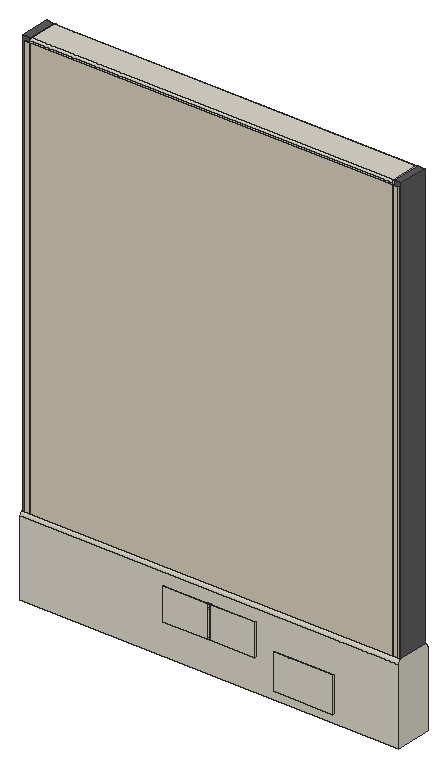
Revit family
Parameters (values of type "32"H x 24"W-G")
  Voltage = 0 V
  URL = "http://www.hermanmiller.com/"
  Trim/Top Cap Finish [instance] = Herman Miller - Finish WL Sandstone
  Top Cap Thickness = 0' - 0 1/4"  # constant formula
  Tag = "F32/24G"
  Surface Finish [instance] = Herman Miller - System Fabric 2I03 Grasscloth Sedge
  Socket Visibility Interior Right [instance] = yes
  Socket Visibility Interior Left [instance] = yes
  Socket Visibility Exterior Right [instance] = yes
  Socket Visibility Exterior Left [instance] = yes
  Product Documentation Link = "http://www.hermanmiller.com/actionoffice/"
  Powered = yes
  Power Factor = 1
  Panel Width = 2' - 0"
  Panel Height = 2' - 8"
  OmniClass Title = "Systems Furniture"  # constant formula
  OmniClass Number = "23.40.70.14.64.21"  # constant formula
  Number of Poles = 1
  Trim Thickness = 0' - 0 1/4"  # constant formula
  Panel Thickness = 0' - 2"  # constant formula
  Model Name On [instance] = yes
  Model = "A8120.3224G"
  Manufacturer = "Herman Miller, Inc."  # constant formula
  Glide Height [instance] = 0' - 0 3/8"
  Keynote = ""
  Electrical Socket Location = 0' - 11 233/256"
  Electrical Connector = yes
  Description = "Panel Fabric Thin Base Pwr 4-Circ W/Com Pt Lc 32H 24W"
  Copyright © = "Copyright © Herman Miller, Inc."  # constant formula
  Connector Description = "Electrical Connector Enabled"
  Communication Socket Location = 0' - 4 1/8"
  Communication Port Exterior [instance] = yes
  Communication Port Interior [instance] = yes
  Catalog = "Action Office System (HAO)"  # constant formula
  Cable Management Thickness = 0' - 2 1/4"  # constant formula
  Cable Management Finish [instance] = Herman Miller - Finish WL Sandstone
  Assembly Code = "E2020200"
  Apparent Load = 0 VA
Reference planes (in)
  plane 1 "Panel Center (Front/Back)": y = 0
  plane 2 "Base Bottom": z = 0
  plane 3 "Panel Center (Left/Right)": x = 0
  plane 4 "Left": x = -12
  plane 5 "Right": x = 12
  plane 6 "Cable Management Back": y = 1.125
  plane 7 "Cable Management Front": y = -1.125
  plane 8 "Panel Top": z = 32.375
  plane 9 "Base Top": z = 5.375
  plane 10 "Base Curve Bottom": z = 5.125
  plane 11 "Panel Trim Back": y = 0.625
  plane 12 "Panel Trim Front": y = -0.625
  plane 13 "Top Cap Thickness": z = 32.125
  plane 14 "Panel Left": x = -11.75
  plane 15 "Panel Right": x = 11.75
  plane 16 "Panel Front": y = -0.5
  plane 17 "Panel Back": y = 0.5
  plane 18 "Left Socket Right": x = 2.9144
  plane 19 "Right Socket Left": x = -2.9144
  plane 20 "Right Socket Right": x = 0.08984
  plane 21 "Socket Bottom": z = 2.375
  plane 22 "Socket Top": z = 4.375
  plane 23 "Electrical Socket Front": y = -1.1875
  plane 24 "Electrical Socket Back": y = 1.1875
  plane 25 "Top Cap Bottom": z = 38.875
  plane 26 "Glide Space": z = 0.375
  plane 27 "Left Glide Center (Left/Right)": x = -10.25
  plane 28 "Left Glide Left": x = -10.75
  plane 29 "Left Glide Right": x = -9.75
  plane 30 "Left Glide Inset Left": x = -10.5
  plane 31 "Left Glide Inset Right": x = -10
  plane 32 "Right Glide (Center Left/Right)": x = 10.25
  plane 33 "Right Glide Right": x = 10.75
  plane 34 "Right Glide Left": x = 9.75
  plane 35 "Right Glide Right Inset": x = 10.5
  plane 36 "Right Glide Left Inset": x = 10
  plane 37 "Glide Back": y = 0.5
  plane 38 "Glide Back Inset": y = 0.25
  plane 39 "Glide Front Inset": y = -0.25
  plane 40 "Glide Front": y = -0.5
  plane 41 "Connector Top": z = 2.51096
  plane 42 "Connector Bottom": z = 2.23904
  plane 43 "Reveal Left": x = -11.5
  plane 44 "Reveal Right": x = 11.5
  plane 45 "Back": y = 1
  plane 46 "Front": y = -1
  plane 47 "Panel Trim Right": x = 11.8125
  plane 48 "Panel Trim Left": x = -11.8125
  plane 49 "Communication Port (Front/Left)": x = -7.875
  plane 50 "Communication Port (Front/Right)": x = -4.125
  plane 51 "Communication Port (Back/Right)": x = 7.875
  plane 52 "Communication Port (Back/Left)": x = 4.125
  plane 53 "Glide Inset": z = 0.1875
  plane 54 "Glide Top": z = 4.375
  plane 55 "Communication Bottom": z = 0.875
  plane 56 "Communication Top": z = 3.125
  plane 57 "Tag Bottom": y = 1.875
  plane 58 "Left Socket Left": x = -0.08984
  plane 59 "Trim Front Back": y = -0.9375
  plane 60 "Trim Back Front": y = 0.9375
  plane 61 "Back Offset": y = 0.875
  plane 62 "Front Offset": y = -0.875
  plane 63 "Top Offset": z = 32.25
Forms (in)
  Extrusion 1, solid, material "Herman Miller - System Fabric 2I03 Grasscloth Sedge" <- "Surface Finish"
    sketch origin (0, 0, 0) x (0, 1, 0) y (0, 0, 1)
      loop
        line (-1, 5.375) -> (1, 5.375) -> (1, 32.125) -> (-1, 32.125) -> (-1, 5.375)
    from -11.5 to 11.5
  Extrusion 2, solid, material "Herman Miller - Finish WL Sandstone" <- "Cable Management Finish"
    sketch origin (0, 0, 0) x (0, 1, 0) y (0, 0, 1)
      loop
        arc (-1, 5.375) -> (-1.09201, 5.26475) -> (-1.125, 5.125) r 0.3125
        line (-1.125, 5.125) -> (-1.125, 0.375) -> (1.125, 0.375) -> (1.125, 5.125)
        arc (1.125, 5.125) -> (1.09201, 5.26475) -> (1, 5.375) r 0.3125
        line (1, 5.375) -> (-1, 5.375)
    from -12 to 12
  Extrusion 3, solid, material "Herman Miller - Finish WL Sandstone" <- "Cable Management Finish", visible <- "Socket Visibility Interior Right", detail levels fine
    sketch origin (12, 0, 0) x (0, -1, 0) y (0, 0, -1)
      loop
        line (1.125, -2.375) -> (1.125, -4.375) -> (1.1875, -4.375) -> (1.1875, -2.375) -> (1.125, -2.375)
    from -12.08984 to -9.0856
  Extrusion 4, solid, material "Herman Miller - Finish WL Sandstone" <- "Cable Management Finish", visible <- "Socket Visibility Interior Left", detail levels fine
    sketch origin (0.08984, 0, 0) x (0, -1, 0) y (0, 0, -1)
      loop
        line (1.125, -4.375) -> (1.1875, -4.375) -> (1.1875, -2.375) -> (1.125, -2.375) -> (1.125, -4.375)
    from -3.00424 to 0
  Extrusion 5, solid, material "Herman Miller - Finish WL Sandstone" <- "Cable Management Finish", visible <- "Socket Visibility Exterior Left", detail levels fine
    sketch origin (6, 0, 0) x (0, -1, 0) y (0, 0, -1)
      loop
        line (-1.1875, -4.375) -> (-1.125, -4.375) -> (-1.125, -2.375) -> (-1.1875, -2.375) -> (-1.1875, -4.375)
    from -6.08984 to -3.0856
  Extrusion 6, solid, material "Herman Miller - Finish WL Sandstone" <- "Cable Management Finish", visible <- "Socket Visibility Exterior Right", detail levels fine
    sketch origin (12, 0, 0) x (0, -1, 0) y (0, 0, -1)
      loop
        line (-1.125, -4.375) -> (-1.125, -2.375) -> (-1.1875, -2.375) -> (-1.1875, -4.375) -> (-1.125, -4.375)
    from -14.9144 to -11.91016
  Extrusion 7, solid, material "Herman Miller - Finish WL Sandstone" <- "Trim/Top Cap Finish"
    sketch origin (12, 0, 0) x (0, -1, 0) y (0, 0, -1)
      loop
        arc (0.875, -32.375) -> (0.96339, -32.33839) -> (1, -32.25) r 0.125
        line (1, -32.25) -> (1, -32.125) -> (-1, -32.125) -> (-1, -32.25)
        arc (-1, -32.25) -> (-0.96339, -32.33839) -> (-0.875, -32.375) r 0.125
        line (-0.875, -32.375) -> (0.875, -32.375)
    from -23.5 to -0.5
  Extrusion 8, solid, material "Herman Miller - System Fabric 2I03 Grasscloth Sedge" <- "Surface Finish", detail levels fine
    sketch origin (0, 0, 32.125) x (-1, 0, 0) y (0, -1, 0)
      loop
        line (11.8125, -1) -> (11.8125, -0.9375) -> (11.5, -0.9375) -> (11.5, -1) -> (11.8125, -1)
      loop
        line (11.8125, 1) -> (11.5, 1) -> (11.5, 0.9375) -> (11.8125, 0.9375) -> (11.8125, 1)
      loop
        line (-11.8125, -0.9375) -> (-11.8125, -1) -> (-11.5, -1) -> (-11.5, -0.9375) -> (-11.8125, -0.9375)
      loop
        line (-11.5, 1) -> (-11.8125, 1) -> (-11.8125, 0.9375) -> (-11.5, 0.9375) -> (-11.5, 1)
    from -26.75 to 0
  Extrusion 9, solid, material "Herman Miller - Finish BU Black Umber"
    sketch origin (0, -0.21306, 32.125) x (-1, 0, 0) y (0, -1, 0)
      loop
        line (12, 0.72444) -> (11.5, 0.72444) -> (11.5, -1.15056) -> (12, -1.15056) -> (12, 0.72444)
      loop
        line (-12, 0.72444) -> (-12, -1.15056) -> (-11.5, -1.15056) -> (-11.5, 0.72444) -> (-12, 0.72444)
    from -26.75 to 0.25
  Revolve 10, solid, material "Herman Miller - Finish WL Sandstone" <- "Trim/Top Cap Finish", detail levels fine
    sketch origin (0, 0, 0) x (1, 0, 0) y (0, 0, 1)
      loop
        line (-10.25, 0) -> (-9.75, 0) -> (-9.75, 0.1875) -> (-10, 0.1875) -> (-10, 4.375) -> (-10.25, 4.375) -> (-10.25, 0)
      axis (-10.25, 4.375) -> (-10.25, 0)
    angle from 0 to 360
  Revolve 11, solid, material "Herman Miller - Finish WL Sandstone" <- "Trim/Top Cap Finish", detail levels fine
    sketch origin (0, 0, 0) x (1, 0, 0) y (0, 0, 1)
      loop
        line (10.25, 0) -> (10.75, 0) -> (10.75, 0.1875) -> (10.5, 0.1875) -> (10.5, 4.375) -> (10.25, 4.375) -> (10.25, 0)
      axis (10.25, 4.375) -> (10.25, 0)
    angle from 0 to 360
  Extrusion 12, solid, material "Herman Miller - Finish WL Sandstone" <- "Cable Management Finish", visible <- "Communication Port Interior", detail levels fine
    sketch origin (0, 0, 0) x (1, 0, 0) y (0, 0, 1)
      loop
        line (4.125, 3.125) -> (4.125, 0.875) -> (7.875, 0.875) -> (7.875, 3.125) -> (4.125, 3.125)
    from 1.125 to 1.1875
  Extrusion 13, solid, material "Herman Miller - Finish WL Sandstone" <- "Cable Management Finish", visible <- "Communication Port Exterior", detail levels fine
    sketch origin (0, 0, 0) x (1, 0, 0) y (0, 0, 1)
      loop
        line (-7.875, 0.875) -> (-4.125, 0.875) -> (-4.125, 3.125) -> (-7.875, 3.125) -> (-7.875, 0.875)
    from -1.1875 to -1.125
Lines and regions (in)
  Masking region 1, detail levels medium+fine
    outline origin (0, 0, 5.375) x (-1, 0, 0) y (0, -1, 0)
      loop
        line (12, -1.125) -> (12, 1.125) -> (-12, 1.125) -> (-12, -1.125) -> (12, -1.125)
  Masking region 2
    outline origin (0, 0, 0) x (1, 0, 0) y (0, 0, 1)
      loop
        line (-12, 32.375) -> (-12, 0.375) -> (12, 0.375) -> (12, 32.375) -> (-12, 32.375)
  Masking region 3
    outline origin (0, 0, 0) x (0, 1, 0) y (0, 0, 1)
      loop
        arc (-0.625, 32.375) -> (-0.84435, 32.29777) -> (-1, 32.125) r 0.47093
        line (-1, 32.125) -> (-1, 5.375)
        arc (-1, 5.375) -> (-1.09201, 5.26475) -> (-1.125, 5.125) r 0.3125
        line (-1.125, 5.125) -> (-1.125, 0.375) -> (1.125, 0.375) -> (1.125, 5.125)
        arc (1.125, 5.125) -> (1.09201, 5.26475) -> (1, 5.375) r 0.3125
        line (1, 5.375) -> (1, 32.125)
        arc (1, 32.125) -> (0.84435, 32.29777) -> (0.625, 32.375) r 0.47093
        line (0.625, 32.375) -> (-0.625, 32.375)
  Masking region 4, detail levels fine
    outline origin (0, 0, 0) x (1, 0, 0) y (0, 0, 1)
      loop
        line (-10.75, 0.1875) -> (-10.75, 0) -> (-9.75, 0) -> (-9.75, 0.1875) -> (-10, 0.1875) -> (-10, 0.875) -> (-10.5, 0.875) -> (-10.5, 0.1875) -> (-10.75, 0.1875)
      loop
        line (9.75, 0) -> (10.75, 0) -> (10.75, 0.1875) -> (10.5, 0.1875) -> (10.5, 0.875) -> (10, 0.875) -> (10, 0.1875) -> (9.75, 0.1875) -> (9.75, 0)
  Masking region 5, detail levels fine
    outline origin (0, 0, 0) x (0, 1, 0) y (0, 0, 1)
      loop
        line (0.5, 0.1875) -> (0.25, 0.1875) -> (0.25, 0.875) -> (-0.25, 0.875) -> (-0.25, 0.1875) -> (-0.5, 0.1875) -> (-0.5, 0) -> (0.5, 0) -> (0.5, 0.1875)
  Masking region 6, visible <- "Communication Port Interior", detail levels fine
    outline origin (0, 1.1875, 0) x (-1, 0, 0) y (0, 0, 1)
      loop
        line (7.875, 3.125) -> (4.125, 3.125) -> (4.125, 0.875) -> (7.875, 0.875) -> (7.875, 3.125)
  Masking region 7, visible <- "Communication Port Exterior", detail levels fine
    outline origin (0, -1.1875, 0) x (-1, 0, 0) y (0, 0, 1)
      loop
        line (-4.125, 3.125) -> (-7.875, 3.125) -> (-7.875, 0.875) -> (-4.125, 0.875) -> (-4.125, 3.125)
  Masking region 8, visible <- "Socket Visibility Exterior Right", detail levels fine
    outline origin (0, 1.1875, 0) x (-1, 0, 0) y (0, 0, 1)
      loop
        line (2.9144, 2.375) -> (2.9144, 4.375) -> (-0.08984, 4.375) -> (-0.08984, 2.375) -> (2.9144, 2.375)
  Masking region 9, visible <- "Socket Visibility Interior Right", detail levels fine
    outline origin (0, -1.1875, 0) x (-1, 0, 0) y (0, 0, 1)
      loop
        line (0.08984, 2.375) -> (0.08984, 4.375) -> (-2.9144, 4.375) -> (-2.9144, 2.375) -> (0.08984, 2.375)
  Masking region 10
    outline origin (0, 0, 32.125) x (-1, 0, 0) y (0, -1, 0)
      loop
        line (12, -1) -> (12, 1) -> (-12, 1) -> (-12, -1) -> (12, -1)
  Masking region 11, visible <- "Socket Visibility Interior Left", detail levels fine
    outline origin (0, -1.1875, 0) x (-1, 0, 0) y (0, 0, 1)
      loop
        line (2.9144, 4.375) -> (-0.08984, 4.375) -> (-0.08984, 2.375) -> (2.9144, 2.375) -> (2.9144, 4.375)
  Masking region 12, visible <- "Socket Visibility Exterior Left", detail levels fine
    outline origin (0, 1.1875, 0) x (-1, 0, 0) y (0, 0, 1)
      loop
        line (-2.9144, 4.375) -> (-2.9144, 2.375) -> (0.08984, 2.375) -> (0.08984, 4.375) -> (-2.9144, 4.375)
  symbolic lines, style "Hard-SurfacedPanel", detail levels medium+fine
    curve 1: line (12, -1, 5.375) -> (12, 1, 5.375)
    curve 5: line (-12, 0, 5.375) -> (12, 0, 5.375)
    curve 7: line (11.8125, 0, 5.375) -> (11.8125, 0, 32.125)
    curve 9: line (-11.8125, 0, 32.125) -> (-11.8125, 0, 5.375)
    curve 10: line (-11.8125, 0, 32.125) -> (11.8125, 0, 32.125)
    curve 12: line (0, 0.5, 5.375) -> (0, 0.5, 32.125)
    curve 13: line (0, -0.5, 32.125) -> (0, -0.5, 5.375)
    curve 19: line (-12, 0.625, 5.375) -> (-12, 1.125, 5.375)
    curve 20: line (-12, -1.125, 5.375) -> (-12, -0.625, 5.375)
    curve 21: line (12, 0.625, 5.375) -> (12, 1.125, 5.375)
    curve 22: line (12, -1.125, 5.375) -> (12, -0.625, 5.375)
    curve 24: line (0, 0.875, 32.375) -> (0, -0.875, 32.375)
  symbolic lines, style "Panel Glides", detail levels fine
    curve 2: line (12, -0.5, 0) -> (12, 0.5, 0)
    curve 3: line (9.75, 0, 0) -> (10.75, 0, 0)
    curve 4: line (-10.75, 0, 0) -> (-9.75, 0, 0)
  symbolic lines, style "Hard-SurfacedPanel", detail levels fine
    curve 6: line (11.5, 0, 32.375) -> (11.5, 0, 32.125)
    curve 8: line (-11.5, 0, 32.125) -> (-11.5, 0, 32.375)
    curve 11: line (0, 0.625, 5.375) -> (0, 0.625, 32.125)
    curve 14: line (0, -0.625, 32.125) -> (0, -0.625, 5.375)
    curve 15: line (0, -0.625, 32.125) -> (0, -0.5, 32.125)
    curve 17: line (0, 0.5, 32.125) -> (0, 0.625, 32.125)
  symbolic lines, style "Power Connector", visible <- "Powered"
    curve 16: line (-12, 0, 32.375) -> (12, 0, 32.375)
  symbolic lines, style "Hard-SurfacedPanel"
    curve 18: line (-12, 1, 0) -> (-12, -1, 0)
    curve 23: line (12, 1, 5.375) -> (12, -1, 5.375)
Text (in)
  text "Exterior" at (-7.52926, 20.81122, 0), in view "Ref. Level"
  text "Interior" at (-7.52926, -15.28519, 0), in view "Ref. Level"
Dimensions and locks (in)
  locked: plane 9 "Base Top" to plane 10 "Base Curve Bottom" at 0.25
  "Panel Height": plane 8 "Panel Top" to plane 26 "Glide Space"
  equal spacing: plane 4 "Left", plane 3 "Panel Center (Left/Right)", plane 5 "Right"
  "Panel Width": plane 5 "Right" to plane 4 "Left"
  equal spacing: plane 7 "Cable Management Front", plane 1 "Panel Center (Front/Back)", plane 6 "Cable Management Back"
  "Cable Management Thickness": plane 7 "Cable Management Front" to plane 6 "Cable Management Back"
  locked: plane 7 "Cable Management Front" to plane 12 "Panel Trim Front" at 0.5
  locked: plane 11 "Panel Trim Back" to plane 6 "Cable Management Back" at 0.5
  "Top Cap Thickness": plane 8 "Panel Top" to plane 13 "Top Cap Thickness"
  locked: plane 12 "Panel Trim Front" to plane 16 "Panel Front" at 0.125
  locked: plane 17 "Panel Back" to plane 11 "Panel Trim Back" at 0.125
  "Trim Thickness": plane 4 "Left" to plane 14 "Panel Left"
  "Trim Thickness": plane 5 "Right" to plane 15 "Panel Right"
  locked: plane 20 "Right Socket Right" to plane 19 "Right Socket Left" at 3.00424
  locked: plane 6 "Cable Management Back" to plane 24 "Electrical Socket Back" at 0.0625
  locked: plane 23 "Electrical Socket Front" to plane 7 "Cable Management Front" at 0.0625
  "Glide Height": plane 26 "Glide Space" to plane 2 "Base Bottom"
  locked: plane 9 "Base Top" to plane 26 "Glide Space" at 5
  locked: plane 4 "Left" to plane 27 "Left Glide Center (Left/Right)" at 1.75
  locked: plane 28 "Left Glide Left" to plane 27 "Left Glide Center (Left/Right)" at 0.5
  equal spacing: plane 28 "Left Glide Left", plane 27 "Left Glide Center (Left/Right)", plane 29 "Left Glide Right"
  equal spacing: plane 30 "Left Glide Inset Left", plane 27 "Left Glide Center (Left/Right)", plane 31 "Left Glide Inset Right"
  locked: plane 33 "Right Glide Right" to plane 32 "Right Glide (Center Left/Right)" at 0.5
  equal spacing: plane 33 "Right Glide Right", plane 32 "Right Glide (Center Left/Right)", plane 34 "Right Glide Left"
  equal spacing: plane 35 "Right Glide Right Inset", plane 32 "Right Glide (Center Left/Right)", plane 36 "Right Glide Left Inset"
  locked: plane 5 "Right" to plane 32 "Right Glide (Center Left/Right)" at 1.75
  equal spacing: plane 40 "Glide Front", plane 1 "Panel Center (Front/Back)", plane 37 "Glide Back"
  locked: plane 40 "Glide Front" to plane 37 "Glide Back" at 1
  equal spacing: plane 39 "Glide Front Inset", plane 1 "Panel Center (Front/Back)", plane 38 "Glide Back Inset"
  locked: plane 1 "Panel Center (Front/Back)" to plane 38 "Glide Back Inset" at 0.25
  locked: plane 28 "Left Glide Left" to plane 30 "Left Glide Inset Left" at 0.25
  locked: plane 33 "Right Glide Right" to plane 35 "Right Glide Right Inset" at 0.25
  plane 41 "Connector Top" to plane 21 "Socket Bottom" to plane 42 "Connector Bottom" = 0' - 0.13596" locked, 0' - 0.13596" locked
  equal spacing: plane 45 "Back", plane 1 "Panel Center (Front/Back)", plane 46 "Front"
  "Panel Thickness": plane 45 "Back" to plane 46 "Front"
  locked: plane 56 "Communication Top" to plane 55 "Communication Bottom" at 2.25
  locked: plane 55 "Communication Bottom" to plane 26 "Glide Space" at 0.5
  locked: plane 22 "Socket Top" to plane 21 "Socket Bottom" at 2
  locked: plane 21 "Socket Bottom" to plane 26 "Glide Space" at 2
  locked: plane 49 "Communication Port (Front/Left)" to plane 50 "Communication Port (Front/Right)" at 3.75
  locked: plane 52 "Communication Port (Back/Left)" to plane 51 "Communication Port (Back/Right)" at 3.75
  locked: plane 5 "Right" to plane 47 "Panel Trim Right" at 0.1875
  locked: plane 4 "Left" to plane 48 "Panel Trim Left" at 0.1875
  locked: plane 43 "Reveal Left" to plane 48 "Panel Trim Left" at 0.3125
  locked: plane 44 "Reveal Right" to plane 47 "Panel Trim Right" at 0.3125
  locked: plane 57 "Tag Bottom" to plane 24 "Electrical Socket Back" at 0.6875
  locked: plane 58 "Left Socket Left" to plane 18 "Left Socket Right" at 3.00424
  locked: plane 46 "Front" to plane 59 "Trim Front Back" at 0.0625
  locked: plane 45 "Back" to plane 60 "Trim Back Front" at 0.0625
  locked: plane 8 "Panel Top" to plane 63 "Top Offset" at 0.125
  locked: plane 46 "Front" to plane 62 "Front Offset" at 0.125
  locked: plane 45 "Back" to plane 61 "Back Offset" at 0.125
  "Communication Socket Location": plane 4 "Left" to plane 49 "Communication Port (Front/Left)"
  "Communication Socket Location": plane 5 "Right" to plane 51 "Communication Port (Back/Right)"
  "Electrical Socket Location": plane 5 "Right" to plane 20 "Right Socket Right"
  "Electrical Socket Location": plane 4 "Left" to plane 58 "Left Socket Left"
  aligned and locked: plane 7 "Cable Management Front" to Extrusion 2 sketch curve  (x2)
  aligned and locked: plane 6 "Cable Management Back" to Extrusion 2 sketch curve  (x2)
  aligned and locked: plane 4 "Left" to Extrusion 2
  aligned and locked: plane 5 "Right" to Extrusion 2
  aligned and locked: Extrusion 1 sketch curve to plane 13 "Top Cap Thickness"
  aligned and locked: Extrusion 1 sketch curve to plane 9 "Base Top"
  aligned and locked: Extrusion 3 sketch curve to plane 22 "Socket Top"
  aligned and locked: plane 21 "Socket Bottom" to Extrusion 3 sketch curve
  aligned and locked: plane 7 "Cable Management Front" to Extrusion 3 sketch curve
  aligned and locked: Extrusion 4 to plane 19 "Right Socket Left"
  aligned and locked: plane 22 "Socket Top" to Extrusion 4 sketch curve
  aligned and locked: Extrusion 4 sketch curve to plane 21 "Socket Bottom"
  aligned and locked: Extrusion 4 sketch curve to plane 7 "Cable Management Front"
  aligned and locked: plane 23 "Electrical Socket Front" to Extrusion 4 sketch curve
  aligned and locked: plane 23 "Electrical Socket Front" to Extrusion 3 sketch curve
  aligned and locked: plane 24 "Electrical Socket Back" to Extrusion 5 sketch curve
  aligned and locked: plane 22 "Socket Top" to Extrusion 5 sketch curve
  aligned and locked: Extrusion 5 sketch curve to plane 6 "Cable Management Back"
  aligned and locked: Extrusion 5 sketch curve to plane 21 "Socket Bottom"
  aligned and locked: Extrusion 5 to plane 18 "Left Socket Right"
  aligned and locked: Extrusion 6 sketch curve to plane 22 "Socket Top"
  aligned and locked: plane 6 "Cable Management Back" to Extrusion 6 sketch curve
  aligned and locked: plane 21 "Socket Bottom" to Extrusion 6 sketch curve
  aligned and locked: Extrusion 6 sketch curve to plane 24 "Electrical Socket Back"
  aligned and locked: Extrusion 6 to plane 19 "Right Socket Left"
  aligned and locked: Extrusion 3 to plane 18 "Left Socket Right"
  aligned and locked: Extrusion 7 sketch curve to plane 8 "Panel Top"
  aligned and locked: Masking region 1 sketch curve to plane 5 "Right"
  aligned and locked: Masking region 1 sketch curve to plane 4 "Left"
  aligned and locked: Masking region 1 sketch curve to plane 6 "Cable Management Back"
  aligned and locked: Masking region 1 sketch curve to plane 7 "Cable Management Front"
  aligned and locked: curve 1 to plane 9 "Base Top"
  aligned and locked: Masking region 2 sketch curve to plane 5 "Right"
  aligned and locked: Masking region 2 sketch curve to plane 4 "Left"
  aligned and locked: Masking region 2 sketch curve to plane 8 "Panel Top"
  aligned and locked: Extrusion 4 to plane 7 "Cable Management Front"
  aligned and locked: Extrusion 3 to plane 7 "Cable Management Front"
  aligned and locked: Extrusion 6 to plane 6 "Cable Management Back"
  aligned and locked: Extrusion 5 to plane 6 "Cable Management Back"
  aligned and locked: Extrusion 2 sketch curve to plane 26 "Glide Space"
  aligned and locked: plane 26 "Glide Space" to Masking region 2 sketch curve
  aligned and locked: plane 26 "Glide Space" to Masking region 3 sketch curve
  aligned and locked: Masking region 3 sketch curve to plane 7 "Cable Management Front"
  aligned and locked: plane 37 "Glide Back" to curve 2
  aligned and locked: plane 40 "Glide Front" to curve 2
  aligned and locked: plane 33 "Right Glide Right" to curve 3
  aligned and locked: plane 34 "Right Glide Left" to curve 3
  aligned and locked: plane 29 "Left Glide Right" to curve 4
  aligned and locked: plane 28 "Left Glide Left" to curve 4
  aligned and locked: plane 5 "Right" to curve 5
  aligned and locked: plane 4 "Left" to curve 5
  aligned and locked: curve 5 to plane 9 "Base Top"
  aligned and locked: Extrusion 4 to Extrusion 3
  aligned and locked: Extrusion 4 to Extrusion 2
  aligned and locked: Extrusion 1 to plane 43 "Reveal Left"
  aligned and locked: Extrusion 1 to plane 44 "Reveal Right"
  aligned and locked: Extrusion 8 to plane 9 "Base Top"
  aligned and locked: Extrusion 9 to plane 9 "Base Top"
  aligned and locked: plane 13 "Top Cap Thickness" to Extrusion 8
  aligned and locked: Revolve 10 sketch curve to level
  aligned and locked: Revolve 10 sketch curve to plane 53 "Glide Inset"
  aligned and locked: Revolve 10 sketch curve to plane 54 "Glide Top"
  aligned and locked: Revolve 11 sketch curve to plane 53 "Glide Inset"
  aligned and locked: Revolve 11 sketch curve to level
  aligned and locked: Revolve 11 sketch curve to plane 54 "Glide Top"
  aligned and locked: plane 56 "Communication Top" to Extrusion 12 sketch curve
  aligned and locked: Extrusion 12 sketch curve to plane 55 "Communication Bottom"
  aligned and locked: Extrusion 12 to Extrusion 3
  aligned and locked: Extrusion 12 to plane 7 "Cable Management Front"
  aligned and locked: Extrusion 13 sketch curve to plane 55 "Communication Bottom"
  aligned and locked: plane 56 "Communication Top" to Extrusion 13 sketch curve
  aligned and locked: plane 24 "Electrical Socket Back" to Extrusion 13
  aligned and locked: Extrusion 13 to plane 6 "Cable Management Back"
  aligned and locked: plane 54 "Glide Top" to plane 22 "Socket Top"
  aligned and locked: Masking region 4 sketch curve to plane 53 "Glide Inset"
  aligned and locked: Masking region 4 sketch curve to level
  aligned and locked: Masking region 4 sketch curve to plane 28 "Left Glide Left"
  aligned and locked: plane 29 "Left Glide Right" to Masking region 4 sketch curve
  aligned and locked: plane 31 "Left Glide Inset Right" to Masking region 4 sketch curve
  aligned and locked: Masking region 4 sketch curve to plane 30 "Left Glide Inset Left"
  aligned and locked: Masking region 4 sketch curve to plane 34 "Right Glide Left"
  aligned and locked: plane 33 "Right Glide Right" to Masking region 4 sketch curve
  aligned and locked: Masking region 4 sketch curve to plane 36 "Right Glide Left Inset"
  aligned and locked: plane 35 "Right Glide Right Inset" to Masking region 4 sketch curve
  aligned and locked: Masking region 4 sketch curve to plane 55 "Communication Bottom"  (x2)
  aligned and locked: plane 53 "Glide Inset" to Masking region 5 sketch curve
  aligned and locked: level to Masking region 5 sketch curve
  aligned and locked: plane 55 "Communication Bottom" to Masking region 5 sketch curve
  aligned and locked: plane 37 "Glide Back" to Masking region 5 sketch curve
  aligned and locked: plane 40 "Glide Front" to Masking region 5 sketch curve
  aligned and locked: plane 39 "Glide Front Inset" to Masking region 5 sketch curve
  aligned and locked: plane 38 "Glide Back Inset" to Masking region 5 sketch curve
  aligned and locked: plane 56 "Communication Top" to Masking region 6 sketch curve
  aligned and locked: Masking region 6 sketch curve to plane 55 "Communication Bottom"
  aligned and locked: plane 56 "Communication Top" to Masking region 7 sketch curve
  aligned and locked: Masking region 7 sketch curve to plane 55 "Communication Bottom"
  aligned and locked: plane 19 "Right Socket Left" to Masking region 8 sketch curve
  aligned and locked: Masking region 9 sketch curve to plane 18 "Left Socket Right"
  aligned and locked: Masking region 9 sketch curve to plane 54 "Glide Top"
  aligned and locked: Masking region 9 sketch curve to plane 21 "Socket Bottom"
  aligned and locked: plane 5 "Right" to Masking region 2
  aligned and locked: plane 5 "Right" to Extrusion 9  (x4)
  aligned and locked: plane 4 "Left" to Extrusion 9
  aligned and locked: plane 4 "Left" to Masking region 2
  aligned and locked: Extrusion 9 to plane 4 "Left"
  aligned and locked: nested 1 to plane 57 "Tag Bottom"
  aligned and locked: plane 3 "Panel Center (Left/Right)" to nested 1
  aligned and locked: Masking region 10 sketch curve to plane 5 "Right"
  aligned and locked: plane 4 "Left" to Masking region 10
  aligned and locked: plane 4 "Left" to Masking region 10 sketch curve
  aligned and locked: Extrusion 7 to plane 13 "Top Cap Thickness"
  aligned and locked: plane 13 "Top Cap Thickness" to curve 17
  aligned and locked: plane 17 "Panel Back" to curve 17
  aligned and locked: plane 16 "Panel Front" to curve 15
  aligned and locked: curve 9 to plane 48 "Panel Trim Left"
  aligned and locked: plane 8 "Panel Top" to curve 8
  aligned and locked: plane 13 "Top Cap Thickness" to curve 15
  aligned and locked: plane 43 "Reveal Left" to curve 8
  aligned and locked: Extrusion 8 sketch curve to plane 45 "Back"  (x2)
  aligned and locked: plane 46 "Front" to Extrusion 8 sketch curve  (x2)
  aligned and locked: Extrusion 8 to plane 46 "Front"  (x2)
  aligned and locked: Extrusion 1 sketch curve to plane 46 "Front"
  aligned and locked: Extrusion 1 sketch curve to plane 45 "Back"
  aligned and locked: plane 1 "Panel Center (Front/Back)" to curve 16
  aligned and locked: plane 24 "Electrical Socket Back" to Extrusion 5
  aligned and locked: plane 54 "Glide Top" to Extrusion 3
  aligned and locked: plane 54 "Glide Top" to Extrusion 4
  aligned and locked: Extrusion 4 to plane 21 "Socket Bottom"
  aligned and locked: plane 19 "Right Socket Left" to Masking region 8
  aligned and locked: Extrusion 6 to plane 21 "Socket Bottom"
  aligned and locked: Extrusion 13 to plane 56 "Communication Top"
  aligned and locked: plane 54 "Glide Top" to Extrusion 6
  aligned and locked: plane 54 "Glide Top" to Revolve 11  (x2)
  aligned and locked: plane 19 "Right Socket Left" to Extrusion 4  (x2)
  aligned and locked: Extrusion 12 to plane 56 "Communication Top"  (x2)
  aligned and locked: plane 54 "Glide Top" to Extrusion 5
  aligned and locked: Masking region 8 to plane 54 "Glide Top"
  aligned and locked: Extrusion 3 to plane 21 "Socket Bottom"
  aligned and locked: plane 18 "Left Socket Right" to Masking region 9
  aligned and locked: plane 30 "Left Glide Inset Left" to Masking region 4
  aligned and locked: plane 56 "Communication Top" to Masking region 6
  aligned and locked: Extrusion 1 to plane 9 "Base Top"
  aligned and locked: plane 9 "Base Top" to curve 9
  aligned and locked: plane 9 "Base Top" to Extrusion 8  (x2)
  aligned and locked: Extrusion 4 to plane 54 "Glide Top"
  aligned and locked: Masking region 9 to plane 54 "Glide Top"
  aligned and locked: plane 54 "Glide Top" to Revolve 10
  aligned and locked: plane 56 "Communication Top" to Masking region 7
  aligned and locked: curve 19 to plane 4 "Left"
  aligned and locked: curve 20 to plane 4 "Left"
  aligned and locked: plane 4 "Left" to Masking region 1
  aligned and locked: Extrusion 2 to plane 4 "Left"  (x4)
  aligned and locked: plane 4 "Left" to curve 18
  aligned and locked: plane 45 "Back" to Extrusion 1
  aligned and locked: plane 46 "Front" to Extrusion 1
  aligned and locked: plane 5 "Right" to curve 22
  aligned and locked: plane 5 "Right" to Masking region 1
  aligned and locked: Extrusion 2 to plane 5 "Right"
  aligned and locked: curve 23 to plane 5 "Right"
  aligned and locked: Extrusion 8 to plane 45 "Back"  (x2)
  aligned and locked: curve 14 to plane 12 "Panel Trim Front"
  aligned and locked: curve 12 to plane 17 "Panel Back"
  aligned and locked: curve 11 to plane 11 "Panel Trim Back"
  aligned and locked: Masking region 8 to plane 21 "Socket Bottom"
  aligned and locked: plane 20 "Right Socket Right" to Masking region 8 sketch curve
  aligned and locked: plane 58 "Left Socket Left" to Extrusion 3
  aligned and locked: plane 58 "Left Socket Left" to Extrusion 5
  aligned and locked: plane 20 "Right Socket Right" to Extrusion 4
  aligned and locked: plane 20 "Right Socket Right" to Extrusion 6
  aligned and locked: plane 45 "Back" to Masking region 3 sketch curve  (x2)
  aligned and locked: Masking region 3 sketch curve to plane 46 "Front"
  aligned and locked: plane 9 "Base Top" to Extrusion 2 sketch curve  (x2)
  aligned and locked: plane 46 "Front" to Extrusion 2 sketch curve
  aligned and locked: plane 45 "Back" to Extrusion 2 sketch curve
  aligned and locked: plane 10 "Base Curve Bottom" to Extrusion 2 sketch curve  (x2)
  aligned and locked: Masking region 3 sketch curve to Extrusion 2  (x2)
  aligned and locked: plane 11 "Panel Trim Back" to Masking region 3 sketch curve
  aligned and locked: plane 12 "Panel Trim Front" to Masking region 3 sketch curve
  aligned and locked: plane 46 "Front" to Masking region 3 sketch curve
  aligned and locked: plane 13 "Top Cap Thickness" to curve 13
  aligned and locked: Masking region 10 sketch curve to plane 45 "Back"
  aligned and locked: plane 46 "Front" to Masking region 10 sketch curve
  aligned and locked: Extrusion 9 to curve 24
  aligned and locked: plane 45 "Back" to curve 1
  aligned and locked: plane 46 "Front" to curve 1
  aligned and locked: plane 45 "Back" to curve 23
  aligned and locked: plane 46 "Front" to curve 23
  aligned and locked: plane 45 "Back" to curve 18
  aligned and locked: plane 46 "Front" to curve 18
  aligned and locked: Extrusion 8 sketch curve to plane 60 "Trim Back Front"  (x2)
  aligned and locked: plane 59 "Trim Front Back" to Extrusion 8 sketch curve  (x2)
  aligned and locked: plane 44 "Reveal Right" to Extrusion 9 sketch curve
  aligned and locked: Extrusion 9 sketch curve to plane 60 "Trim Back Front"  (x2)
  aligned and locked: plane 59 "Trim Front Back" to Extrusion 9 sketch curve  (x2)
  aligned and locked: Extrusion 9 sketch curve to plane 43 "Reveal Left"
  aligned and locked: Extrusion 7 to plane 43 "Reveal Left"
  aligned and locked: Extrusion 7 to plane 44 "Reveal Right"
  aligned and locked: plane 8 "Panel Top" to Extrusion 9
  aligned and locked: plane 46 "Front" to Extrusion 7 sketch curve
  aligned and locked: plane 63 "Top Offset" to Extrusion 7 sketch curve  (x2)
  aligned and locked: plane 8 "Panel Top" to Extrusion 7 sketch curve
  aligned and locked: plane 45 "Back" to Extrusion 7 sketch curve  (x2)
  aligned and locked: plane 61 "Back Offset" to Extrusion 7 sketch curve
  aligned and locked: Extrusion 7 sketch curve to plane 46 "Front"
  aligned and locked: plane 19 "Right Socket Left" to Masking region 11 sketch curve
  aligned and locked: Masking region 11 sketch curve to plane 54 "Glide Top"
  aligned and locked: Masking region 11 sketch curve to plane 20 "Right Socket Right"
  aligned and locked: plane 21 "Socket Bottom" to Masking region 11 sketch curve
  aligned and locked: plane 18 "Left Socket Right" to Masking region 12 sketch curve
  aligned and locked: Masking region 12 sketch curve to plane 54 "Glide Top"
  aligned and locked: Masking region 12 sketch curve to plane 58 "Left Socket Left"
  aligned and locked: plane 21 "Socket Bottom" to Masking region 12 sketch curve
  aligned and locked: Masking region 6 sketch curve to plane 49 "Communication Port (Front/Left)"
  aligned and locked: Masking region 6 sketch curve to plane 50 "Communication Port (Front/Right)"
  aligned and locked: plane 52 "Communication Port (Back/Left)" to Masking region 7 sketch curve
  aligned and locked: plane 51 "Communication Port (Back/Right)" to Masking region 7 sketch curve
  aligned and locked: Extrusion 13 sketch curve to plane 49 "Communication Port (Front/Left)"
  aligned and locked: Extrusion 13 sketch curve to plane 50 "Communication Port (Front/Right)"
  aligned and locked: plane 51 "Communication Port (Back/Right)" to Extrusion 12 sketch curve
  aligned and locked: plane 52 "Communication Port (Back/Left)" to Extrusion 12 sketch curve
Automatic sketch dimensions
  Revolve 10 sketch curve to plane 10 "Base Curve Bottom" = 0' - 0 1/4"
  plane 27 "Left Glide Center (Left/Right)" to Revolve 10 sketch curve = 0' - 0"  (x2)
  Revolve 10 sketch curve to level = 0' - 0 3/8"
  Revolve 11 sketch curve to level = 0' - 0.22708"
  Revolve 11 sketch curve to Revolve 11 sketch curve = 0' - 0.14792"
  Masking region 4 sketch curve to level = 0' - 0"
  Masking region 4 sketch curve to plane 53 "Glide Inset" = 0' - 0"  (x3)
  Masking region 5 sketch curve to Masking region 5 sketch curve = 0' - 0"
  Masking region 8 sketch curve to plane 21 "Socket Bottom" = 0' - 0"
  Masking region 8 sketch curve to plane 22 "Socket Top" = 0' - 0"
  Extrusion 9 sketch curve to plane 5 "Right" = 0' - 0"
  curve 16 to plane 5 "Right" = 0' - 0"
  curve 16 to plane 4 "Left" = 0' - 0"
  curve 6 to plane 13 "Top Cap Thickness" = 0' - 0"
  curve 6 to plane 44 "Reveal Right" = 0' - 0"
  curve 7 to plane 47 "Panel Trim Right" = 0' - 0"
  curve 4 to level = 0' - 0"
  curve 3 to level = 0' - 0"
  curve 6 to plane 8 "Panel Top" = 0' - 0"
  curve 2 to level = 0' - 0"
  curve 21 to plane 5 "Right" = 0' - 0"
  curve 19 to plane 6 "Cable Management Back" = 0' - 0"
  curve 21 to plane 6 "Cable Management Back" = 0' - 0"
  curve 19 to plane 11 "Panel Trim Back" = 0' - 0"
  curve 21 to plane 11 "Panel Trim Back" = 0' - 0"
  curve 22 to plane 12 "Panel Trim Front" = 0' - 0"
  curve 20 to plane 12 "Panel Trim Front" = 0' - 0"
  curve 20 to plane 7 "Cable Management Front" = 0' - 0"
  curve 22 to plane 7 "Cable Management Front" = 0' - 0"
  plane 4 "Left" to Extrusion 9 sketch curve = 0' - 0"
  Extrusion 7 sketch curve to plane 13 "Top Cap Thickness" = 0' - 0"
  Masking region 3 sketch curve to plane 13 "Top Cap Thickness" = 0' - 0"  (x2)
  Masking region 3 sketch curve to plane 8 "Panel Top" = 0' - 0"
  Masking region 3 sketch curve to plane 12 "Panel Trim Front" = 0' - 0.04187"
  Masking region 3 sketch curve to plane 11 "Panel Trim Back" = 0' - 0.04187"
  curve 24 to plane 62 "Front Offset" = 0' - 0"
  curve 24 to plane 61 "Back Offset" = 0' - 0"
  curve 11 to plane 9 "Base Top" = 0' - 0"
  curve 14 to plane 9 "Base Top" = 0' - 0"
  curve 12 to plane 9 "Base Top" = 0' - 0"
  curve 13 to plane 9 "Base Top" = 0' - 0"
  plane 47 "Panel Trim Right" to Extrusion 8 sketch curve = 0' - 0"  (x2)
  plane 44 "Reveal Right" to Extrusion 8 sketch curve = 0' - 0"  (x2)
  Extrusion 8 sketch curve to plane 43 "Reveal Left" = 0' - 0"  (x2)
  Extrusion 8 sketch curve to plane 48 "Panel Trim Left" = 0' - 0"  (x2)
  Revolve 10 sketch curve to plane 31 "Left Glide Inset Right" = 0' - 0"
  Revolve 10 sketch curve to plane 29 "Left Glide Right" = 0' - 0"
  Revolve 11 sketch curve to plane 32 "Right Glide (Center Left/Right)" = 0' - 0"  (x2)
  Revolve 11 sketch curve to plane 35 "Right Glide Right Inset" = 0' - 0"
  Revolve 11 sketch curve to plane 33 "Right Glide Right" = 0' - 0"
  plane 58 "Left Socket Left" to Masking region 9 sketch curve = 0' - 0"
Nested families (in)
  nested 1: "Label 1-16" at (0, 1.875, 0), visible <- "Model Name On", type "Model Name", detail levels coarse
Definition of nested family "Label 1-16"
  Parameters (values of type "Model Name")
    Width = 0' - 0 47/64"
    Model Name = "H39/12G"
  Reference planes (in)
    plane 1: y = 0
    plane 2: x = 0
  Text (in)
    label "XX" at (-0.00532, -0.00012, 0), shows "Model Name"
